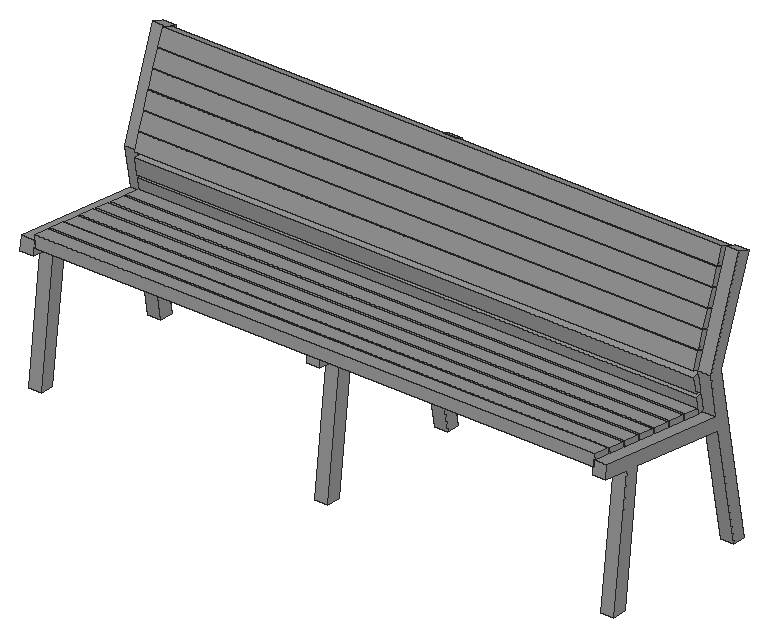
Revit family "Скамейка стальная с подогревом «Модерн» Арт 9283", category Антураж, Revit 2018
Family settings
  На основе рабочей плоскости = Нет
  Всегда вертикально = Да
  При загрузке вырезать с полостями = Нет
  Источник визуального образа = Геометрия семейства
  Общий = Нет
  Точка расчета площади = Нет
Parameters (values of type "Скамейка стальная с подогревом «Модерн»")
  Ширина = 560 mm  # constant formula
  Цвет опор = Сталь
  Цвет лавки = Дерево
  Описание = "Скамейка стальная с подогревом «Модерн»"  # constant formula
  Материал изделия = "Сталь, Композитные материалы"  # constant formula
  Изображение типоразмера = Скамейка стальная с подогревом «Модерн» Арт 9283.jpg
  Изготовитель = "ООО «Хоббика»"  # constant formula
  Длина = 1800 mm  # constant formula
  Группа модели = "Скамейки"  # constant formula
  Высота = 800 mm  # constant formula
  Артикул товара = "Арт. 9283"  # constant formula
  URL = "https://hobbyka.ru/product/skameyka_s_podogrevom_modern/"
Reference planes
  plane 1 "По центру (Вперед/Назад)": y = 0
  plane 2: z = 0
  plane 3 "По центру (Влево/Вправо)": x = 0
  plane 4: y = 560
  plane 5: x = 1800
  plane 6: z = 800
Forms (mm)
  Extrusion 1, solid, material "Сталь" <- "Цвет опор"
    sketch origin (0, 0, 0) x (0, 1, 0) y (0, 0, 1)
      loop
        line (510, 800) -> (402.264, 503.997) -> (423.96, 380.951) -> (4.875, 432.408) -> (0, 392.706) -> (79.404, 382.957) -> (32.383, 0) -> (72.683, 0) -> (119.106, 378.082) -> (431.223, 339.759) -> (491.132, 0) -> (531.749, 0) -> (443.517, 500.388) -> (547.588, 786.319) -> (510, 800)
    from 0 to 40
  Extrusion 2, solid, material "Сталь" <- "Цвет опор"
    sketch origin (0, 0, 0) x (0, 1, 0) y (0, 0, 1)
      loop
        line (510, 800) -> (402.264, 503.997) -> (423.96, 380.951) -> (4.875, 432.408) -> (0, 392.706) -> (79.404, 382.957) -> (32.383, 0) -> (72.683, 0) -> (119.106, 378.082) -> (431.223, 339.759) -> (491.132, 0) -> (531.749, 0) -> (443.517, 500.388) -> (547.588, 786.319) -> (510, 800)
    from 1760 to 1800
  Extrusion 3, solid, material "Сталь" <- "Цвет опор"
    sketch origin (0, 0, 0) x (0, 1, 0) y (0, 0, 1)
      loop
        line (528.794, 793.16) -> (422.89, 502.192) -> (448.35, 357.806) -> (2.437, 412.557) -> (0, 392.706) -> (79.404, 382.957) -> (32.383, 0) -> (72.683, 0) -> (119.106, 378.082) -> (431.223, 339.759) -> (491.132, 0) -> (531.749, 0) -> (443.517, 500.388) -> (547.588, 786.319) -> (528.794, 793.16)
    from 880 to 920
  Extrusion 4, solid, material "Дерево" <- "Цвет лавки"
    sketch origin (0, 0, 0) x (0, 1, 0) y (0, 0, 1)
      loop
        line (495.905, 805.13) -> (478.804, 758.146) -> (511.693, 746.175) -> (528.794, 793.16) -> (495.905, 805.13)
    from 40 to 1760
  Extrusion 5, solid, material "Дерево" <- "Цвет лавки"
    sketch origin (0, -90.635, -249.019) x (0, 1, 0) y (0, 0, 1)
      loop
        line (495.905, 805.13) -> (478.804, 758.146) -> (511.693, 746.175) -> (528.794, 793.16) -> (495.905, 805.13)
    from 40 to 1760
  Extrusion 6, solid, material "Дерево" <- "Цвет лавки"
    sketch origin (0, -18.127, -49.804) x (0, 1, 0) y (0, 0, 1)
      loop
        line (495.905, 805.13) -> (478.804, 758.146) -> (511.693, 746.175) -> (528.794, 793.16) -> (495.905, 805.13)
    from 40 to 1760
  Extrusion 7, solid, material "Дерево" <- "Цвет лавки"
    sketch origin (0, -36.254, -99.607) x (0, 1, 0) y (0, 0, 1)
      loop
        line (495.905, 805.13) -> (478.804, 758.146) -> (511.693, 746.175) -> (528.794, 793.16) -> (495.905, 805.13)
    from 40 to 1760
  Extrusion 8, solid, material "Дерево" <- "Цвет лавки"
    sketch origin (0, -54.381, -149.411) x (0, 1, 0) y (0, 0, 1)
      loop
        line (495.905, 805.13) -> (478.804, 758.146) -> (511.693, 746.175) -> (528.794, 793.16) -> (495.905, 805.13)
    from 40 to 1760
  Extrusion 9, solid, material "Дерево" <- "Цвет лавки"
    sketch origin (0, -72.508, -199.215) x (0, 1, 0) y (0, 0, 1)
      loop
        line (495.905, 805.13) -> (478.804, 758.146) -> (511.693, 746.175) -> (528.794, 793.16) -> (495.905, 805.13)
    from 40 to 1760
  Extrusion 10, solid, material "Дерево" <- "Цвет лавки"
    sketch origin (0, -839.719, 743.283) x (0, 0.224951, -0.97437) y (0, 0.97437, 0.224951)
      loop
        line (495.905, 805.13) -> (478.804, 758.146) -> (511.693, 746.175) -> (528.794, 793.16) -> (495.905, 805.13)
    from 40 to 1760
  Extrusion 11, solid, material "Дерево" <- "Цвет лавки"
    sketch origin (0, -492.328, 700.628) x (0, 0.224951, -0.97437) y (0, 0.97437, 0.224951)
      loop
        line (495.905, 805.13) -> (478.804, 758.146) -> (511.693, 746.175) -> (528.794, 793.16) -> (495.905, 805.13)
    from 40 to 1760
  Extrusion 12, solid, material "Дерево" <- "Цвет лавки"
    sketch origin (0, -781.82, 736.173) x (0, 0.224951, -0.97437) y (0, 0.97437, 0.224951)
      loop
        line (495.905, 805.13) -> (478.804, 758.146) -> (511.693, 746.175) -> (528.794, 793.16) -> (495.905, 805.13)
    from 40 to 1760
  Extrusion 13, solid, material "Дерево" <- "Цвет лавки"
    sketch origin (0, -723.922, 729.064) x (0, 0.224951, -0.97437) y (0, 0.97437, 0.224951)
      loop
        line (495.905, 805.13) -> (478.804, 758.146) -> (511.693, 746.175) -> (528.794, 793.16) -> (495.905, 805.13)
    from 40 to 1760
  Extrusion 14, solid, material "Дерево" <- "Цвет лавки"
    sketch origin (0, -666.023, 721.955) x (0, 0.224951, -0.97437) y (0, 0.97437, 0.224951)
      loop
        line (495.905, 805.13) -> (478.804, 758.146) -> (511.693, 746.175) -> (528.794, 793.16) -> (495.905, 805.13)
    from 40 to 1760
  Extrusion 15, solid, material "Дерево" <- "Цвет лавки"
    sketch origin (0, -608.125, 714.846) x (0, 0.224951, -0.97437) y (0, 0.97437, 0.224951)
      loop
        line (495.905, 805.13) -> (478.804, 758.146) -> (511.693, 746.175) -> (528.794, 793.16) -> (495.905, 805.13)
    from 40 to 1760
  Extrusion 16, solid, material "Дерево" <- "Цвет лавки"
    sketch origin (0, -550.226, 707.737) x (0, 0.224951, -0.97437) y (0, 0.97437, 0.224951)
      loop
        line (495.905, 805.13) -> (478.804, 758.146) -> (511.693, 746.175) -> (528.794, 793.16) -> (495.905, 805.13)
    from 40 to 1760
  Extrusion 17, solid, material "Дерево" <- "Цвет лавки"
    sketch origin (0, 459.59, 1391.833) x (0, -0.866025, -0.5) y (0, 0.5, -0.866025)
      loop
        line (495.905, 805.13) -> (478.804, 758.146) -> (511.693, 746.175) -> (528.794, 793.16) -> (495.905, 805.13)
    from 40 to 1760
  Extrusion 18, solid, material "Дерево" <- "Цвет лавки"
    sketch origin (0, 470.009, 1332.745) x (0, -0.866025, -0.5) y (0, 0.5, -0.866025)
      loop
        line (495.905, 805.13) -> (478.804, 758.146) -> (511.693, 746.175) -> (528.794, 793.16) -> (495.905, 805.13)
    from 40 to 1760
Dimensions and locks
  "Ширина": plane 4 to plane 1 "По центру (Вперед/Назад)"
  "Длина": plane 5 to plane 3 "По центру (Влево/Вправо)"
  "Высота": plane 6 to plane 2
  equal spacing: group 1, group 3, group 4, group 5, group 6, group 2
  equal spacing: group 2, group 6, group 5, group 4, group 3, group 1  (x2)
  equal spacing: group 7, group 9, group 10, group 11, group 12, group 13, group 8  (x2)
  equal spacing: group 8, group 13, group 12, group 11, group 10, group 9, group 7
  aligned and locked: level to plane 2
Automatic sketch dimensions
  Extrusion 4 sketch curve to Extrusion 4 sketch curve = 17.101 mm
  Extrusion 4 sketch curve to Extrusion 4 sketch curve = 32.889 mm
  Extrusion 4 sketch curve to Extrusion 4 sketch curve = 11.971 mm
  Extrusion 5 sketch curve to Extrusion 5 sketch curve = 17.101 mm
  Extrusion 5 sketch curve to Extrusion 5 sketch curve = 32.889 mm
  Extrusion 5 sketch curve to Extrusion 5 sketch curve = 11.971 mm
  Extrusion 6 sketch curve to Extrusion 6 sketch curve = 17.101 mm
  Extrusion 6 sketch curve to Extrusion 6 sketch curve = 32.889 mm
  Extrusion 6 sketch curve to Extrusion 6 sketch curve = 11.971 mm
  Extrusion 7 sketch curve to Extrusion 7 sketch curve = 17.101 mm
  Extrusion 7 sketch curve to Extrusion 7 sketch curve = 32.889 mm
  Extrusion 7 sketch curve to Extrusion 7 sketch curve = 11.971 mm
  Extrusion 8 sketch curve to Extrusion 8 sketch curve = 17.101 mm
  Extrusion 8 sketch curve to Extrusion 8 sketch curve = 32.889 mm
  Extrusion 8 sketch curve to Extrusion 8 sketch curve = 11.971 mm
  Extrusion 9 sketch curve to Extrusion 9 sketch curve = 17.101 mm
  Extrusion 9 sketch curve to Extrusion 9 sketch curve = 32.889 mm
  Extrusion 9 sketch curve to Extrusion 9 sketch curve = 11.971 mm
  Extrusion 10 sketch curve to Extrusion 10 sketch curve = 17.101 mm
  Extrusion 10 sketch curve to Extrusion 10 sketch curve = 32.889 mm
  Extrusion 10 sketch curve to Extrusion 10 sketch curve = 11.971 mm
  Extrusion 11 sketch curve to Extrusion 11 sketch curve = 17.101 mm
  Extrusion 11 sketch curve to Extrusion 11 sketch curve = 32.889 mm
  Extrusion 11 sketch curve to Extrusion 11 sketch curve = 11.971 mm
  Extrusion 12 sketch curve to Extrusion 12 sketch curve = 17.101 mm
  Extrusion 12 sketch curve to Extrusion 12 sketch curve = 32.889 mm
  Extrusion 12 sketch curve to Extrusion 12 sketch curve = 11.971 mm
  Extrusion 13 sketch curve to Extrusion 13 sketch curve = 17.101 mm
  Extrusion 13 sketch curve to Extrusion 13 sketch curve = 32.889 mm
  Extrusion 13 sketch curve to Extrusion 13 sketch curve = 11.971 mm
  Extrusion 14 sketch curve to Extrusion 14 sketch curve = 17.101 mm
  Extrusion 14 sketch curve to Extrusion 14 sketch curve = 32.889 mm
  Extrusion 14 sketch curve to Extrusion 14 sketch curve = 11.971 mm
  Extrusion 15 sketch curve to Extrusion 15 sketch curve = 17.101 mm
  Extrusion 15 sketch curve to Extrusion 15 sketch curve = 32.889 mm
  Extrusion 15 sketch curve to Extrusion 15 sketch curve = 11.971 mm
  Extrusion 16 sketch curve to Extrusion 16 sketch curve = 17.101 mm
  Extrusion 16 sketch curve to Extrusion 16 sketch curve = 32.889 mm
  Extrusion 16 sketch curve to Extrusion 16 sketch curve = 11.971 mm
  Extrusion 1 sketch curve to plane 1 "По центру (Вперед/Назад)" = 0 mm
  Extrusion 1 sketch curve to level = 0 mm  (x2)
  Extrusion 1 sketch curve to plane 6 = 0 mm
  Extrusion 1 sketch curve to plane 1 "По центру (Вперед/Назад)" = 4.875 mm
  Extrusion 1 sketch curve to plane 1 "По центру (Вперед/Назад)" = 32.383 mm
  Extrusion 1 sketch curve to Extrusion 1 sketch curve = 40.3 mm
  Extrusion 1 sketch curve to plane 1 "По центру (Вперед/Назад)" = 79.404 mm
  Extrusion 1 sketch curve to Extrusion 1 sketch curve = 39.702 mm
  Extrusion 1 sketch curve to plane 4 = 157.736 mm
  Extrusion 1 sketch curve to Extrusion 1 sketch curve = 21.696 mm
  Extrusion 1 sketch curve to Extrusion 1 sketch curve = 7.263 mm
  Extrusion 1 sketch curve to Extrusion 1 sketch curve = 41.253 mm
  Extrusion 1 sketch curve to plane 4 = 68.868 mm
  Extrusion 1 sketch curve to plane 4 = 50 mm
  Extrusion 1 sketch curve to plane 4 = 28.251 mm
  Extrusion 1 sketch curve to plane 4 = 12.412 mm
  level to Extrusion 1 sketch curve = 339.759 mm
  Extrusion 1 sketch curve to Extrusion 1 sketch curve = 41.192 mm
  Extrusion 1 sketch curve to Extrusion 1 sketch curve = 119.437 mm
  Extrusion 2 sketch curve to plane 1 "По центру (Вперед/Назад)" = 0 mm
  Extrusion 2 sketch curve to level = 0 mm  (x2)
  Extrusion 2 sketch curve to plane 6 = 0 mm
  Extrusion 2 sketch curve to plane 1 "По центру (Вперед/Назад)" = 4.875 mm
  Extrusion 2 sketch curve to plane 1 "По центру (Вперед/Назад)" = 32.383 mm
  Extrusion 2 sketch curve to Extrusion 2 sketch curve = 40.3 mm
  Extrusion 2 sketch curve to plane 1 "По центру (Вперед/Назад)" = 79.404 mm
  Extrusion 2 sketch curve to Extrusion 2 sketch curve = 39.702 mm
  Extrusion 2 sketch curve to plane 4 = 157.736 mm
  Extrusion 2 sketch curve to Extrusion 2 sketch curve = 21.696 mm
  Extrusion 2 sketch curve to Extrusion 2 sketch curve = 7.263 mm
  Extrusion 2 sketch curve to Extrusion 2 sketch curve = 41.253 mm
  Extrusion 2 sketch curve to plane 4 = 68.868 mm
  Extrusion 2 sketch curve to plane 4 = 50 mm
  Extrusion 2 sketch curve to plane 4 = 28.251 mm
  Extrusion 2 sketch curve to plane 4 = 12.412 mm
  level to Extrusion 2 sketch curve = 339.759 mm
  Extrusion 2 sketch curve to Extrusion 2 sketch curve = 41.192 mm
  Extrusion 2 sketch curve to Extrusion 2 sketch curve = 119.437 mm
  Extrusion 3 sketch curve to plane 1 "По центру (Вперед/Назад)" = 0 mm
  Extrusion 3 sketch curve to level = 0 mm  (x2)
  Extrusion 3 sketch curve to plane 1 "По центру (Вперед/Назад)" = 2.437 mm
  Extrusion 3 sketch curve to plane 1 "По центру (Вперед/Назад)" = 32.383 mm
  Extrusion 3 sketch curve to Extrusion 3 sketch curve = 40.3 mm
  Extrusion 3 sketch curve to plane 1 "По центру (Вперед/Назад)" = 79.404 mm
  Extrusion 3 sketch curve to Extrusion 3 sketch curve = 39.702 mm
  Extrusion 3 sketch curve to plane 4 = 137.11 mm
  Extrusion 3 sketch curve to plane 4 = 128.777 mm
  Extrusion 3 sketch curve to Extrusion 3 sketch curve = 20.627 mm
  Extrusion 3 sketch curve to Extrusion 3 sketch curve = 17.126 mm
  Extrusion 3 sketch curve to plane 4 = 68.868 mm
  Extrusion 3 sketch curve to plane 6 = 6.84 mm
  Extrusion 3 sketch curve to plane 4 = 31.206 mm
  Extrusion 3 sketch curve to plane 4 = 28.251 mm
  Extrusion 3 sketch curve to plane 4 = 12.412 mm
  level to Extrusion 3 sketch curve = 339.759 mm
  Extrusion 3 sketch curve to Extrusion 3 sketch curve = 18.047 mm
  Extrusion 3 sketch curve to Extrusion 3 sketch curve = 142.582 mm
  Extrusion 17 sketch curve to plane 4 = 135.993 mm
  Extrusion 17 sketch curve to plane 6 = 304.142 mm
  Extrusion 17 sketch curve to Extrusion 17 sketch curve = 17.101 mm
  Extrusion 17 sketch curve to Extrusion 17 sketch curve = 32.889 mm
  Extrusion 17 sketch curve to Extrusion 17 sketch curve = 11.971 mm
  Extrusion 18 sketch curve to plane 4 = 125.574 mm
  Extrusion 18 sketch curve to plane 6 = 363.23 mm
  Extrusion 18 sketch curve to Extrusion 18 sketch curve = 17.101 mm
  Extrusion 18 sketch curve to Extrusion 18 sketch curve = 32.889 mm
  Extrusion 18 sketch curve to Extrusion 18 sketch curve = 11.971 mm
